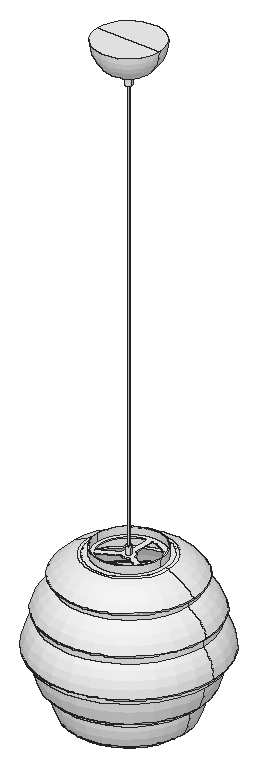
Revit family "Artek_Lighting_Pendant Light A331 “Beehive“_A331 Beehive_quick_ship", category Lighting Fixtures, Revit 2018 (continued)
Definition of nested family "A331"
  Lines and regions (mm)
    symbolic lines, detail levels fine
      curve 495: spline (-18.397, 0, 1.009) -> (-18.064, 0, 1.213) -> (-17.754, 0, 1.81) -> (-17.488, 0, 2.759) -> (-17.284, 0, 3.996) -> (-17.155, 0, 5.436) -> (-17.111, 0, 6.982) -> (-17.155, 0, 8.528) -> (-17.284, 0, 9.968) -> (-17.488, 0, 11.205) -> (-17.754, 0, 12.155) -> (-18.064, 0, 12.751) -> (-18.397, 0, 12.955) -> (-18.73, 0, 12.751) -> (-19.04, 0, 12.155) -> (-19.306, 0, 11.205) -> (-19.511, 0, 9.968) -> (-19.639, 0, 8.528) -> (-19.683, 0, 6.982) -> (-19.639, 0, 5.436) -> (-19.511, 0, 3.996) -> (-19.306, 0, 2.759) -> (-19.04, 0, 1.81) -> (-18.73, 0, 1.213) -> (-18.397, 0, 1.009)
      curve 496: spline (-14.326, 0, 1.009) -> (-13.993, 0, 1.213) -> (-13.683, 0, 1.81) -> (-13.416, 0, 2.759) -> (-13.212, 0, 3.996) -> (-13.084, 0, 5.436) -> (-13.04, 0, 6.982) -> (-13.084, 0, 8.528) -> (-13.212, 0, 9.968) -> (-13.416, 0, 11.205) -> (-13.683, 0, 12.155) -> (-13.993, 0, 12.751) -> (-14.326, 0, 12.955) -> (-14.658, 0, 12.751) -> (-14.969, 0, 12.155) -> (-15.235, 0, 11.205) -> (-15.439, 0, 9.968) -> (-15.568, 0, 8.528) -> (-15.611, 0, 6.982) -> (-15.568, 0, 5.436) -> (-15.439, 0, 3.996) -> (-15.235, 0, 2.759) -> (-14.969, 0, 1.81) -> (-14.658, 0, 1.213) -> (-14.326, 0, 1.009)
      curve 497: spline (-10.254, 0, 1.009) -> (-9.921, 0, 1.213) -> (-9.611, 0, 1.81) -> (-9.345, 0, 2.759) -> (-9.141, 0, 3.996) -> (-9.012, 0, 5.436) -> (-8.968, 0, 6.982) -> (-9.012, 0, 8.528) -> (-9.141, 0, 9.968) -> (-9.345, 0, 11.205) -> (-9.611, 0, 12.155) -> (-9.921, 0, 12.751) -> (-10.254, 0, 12.955) -> (-10.587, 0, 12.751) -> (-10.897, 0, 12.155) -> (-11.163, 0, 11.205) -> (-11.368, 0, 9.968) -> (-11.496, 0, 8.528) -> (-11.54, 0, 6.982) -> (-11.496, 0, 5.436) -> (-11.368, 0, 3.996) -> (-11.163, 0, 2.759) -> (-10.897, 0, 1.81) -> (-10.587, 0, 1.213) -> (-10.254, 0, 1.009)
      curve 498: spline (-6.183, 0, 1.009) -> (-5.85, 0, 1.213) -> (-5.54, 0, 1.81) -> (-5.273, 0, 2.759) -> (-5.069, 0, 3.996) -> (-4.941, 0, 5.436) -> (-4.897, 0, 6.982) -> (-4.941, 0, 8.528) -> (-5.069, 0, 9.968) -> (-5.273, 0, 11.205) -> (-5.54, 0, 12.155) -> (-5.85, 0, 12.751) -> (-6.183, 0, 12.955) -> (-6.515, 0, 12.751) -> (-6.825, 0, 12.155) -> (-7.092, 0, 11.205) -> (-7.296, 0, 9.968) -> (-7.424, 0, 8.528) -> (-7.468, 0, 6.982) -> (-7.424, 0, 5.436) -> (-7.296, 0, 3.996) -> (-7.092, 0, 2.759) -> (-6.825, 0, 1.81) -> (-6.515, 0, 1.213) -> (-6.183, 0, 1.009)
      curve 499: spline (-2.111, 0, 1.009) -> (-1.778, 0, 1.213) -> (-1.468, 0, 1.81) -> (-1.202, 0, 2.759) -> (-0.997, 0, 3.996) -> (-0.869, 0, 5.436) -> (-0.825, 0, 6.982) -> (-0.869, 0, 8.528) -> (-0.997, 0, 9.968) -> (-1.202, 0, 11.205) -> (-1.468, 0, 12.155) -> (-1.778, 0, 12.751) -> (-2.111, 0, 12.955) -> (-2.444, 0, 12.751) -> (-2.754, 0, 12.155) -> (-3.02, 0, 11.205) -> (-3.224, 0, 9.968) -> (-3.353, 0, 8.528) -> (-3.397, 0, 6.982) -> (-3.353, 0, 5.436) -> (-3.224, 0, 3.996) -> (-3.02, 0, 2.759) -> (-2.754, 0, 1.81) -> (-2.444, 0, 1.213) -> (-2.111, 0, 1.009)
      curve 500: spline (91.685, 0, 1.009) -> (91.352, 0, 1.213) -> (91.042, 0, 1.81) -> (90.776, 0, 2.759) -> (90.572, 0, 3.996) -> (90.443, 0, 5.436) -> (90.399, 0, 6.982) -> (90.443, 0, 8.528) -> (90.572, 0, 9.968) -> (90.776, 0, 11.205) -> (91.042, 0, 12.155) -> (91.352, 0, 12.751) -> (91.685, 0, 12.955) -> (92.018, 0, 12.751) -> (92.328, 0, 12.155) -> (92.594, 0, 11.205) -> (92.799, 0, 9.968) -> (92.927, 0, 8.528) -> (92.971, 0, 6.982) -> (92.927, 0, 5.436) -> (92.799, 0, 3.996) -> (92.594, 0, 2.759) -> (92.328, 0, 1.81) -> (92.018, 0, 1.213) -> (91.685, 0, 1.009)
      curve 501: spline (87.614, 0, 1.009) -> (87.281, 0, 1.213) -> (86.971, 0, 1.81) -> (86.705, 0, 2.759) -> (86.5, 0, 3.996) -> (86.372, 0, 5.436) -> (86.328, 0, 6.982) -> (86.372, 0, 8.528) -> (86.5, 0, 9.968) -> (86.705, 0, 11.205) -> (86.971, 0, 12.155) -> (87.281, 0, 12.751) -> (87.614, 0, 12.955) -> (87.946, 0, 12.751) -> (88.257, 0, 12.155) -> (88.523, 0, 11.205) -> (88.727, 0, 9.968) -> (88.856, 0, 8.528) -> (88.899, 0, 6.982) -> (88.856, 0, 5.436) -> (88.727, 0, 3.996) -> (88.523, 0, 2.759) -> (88.257, 0, 1.81) -> (87.946, 0, 1.213) -> (87.614, 0, 1.009)
      curve 502: spline (83.542, 0, 1.009) -> (83.209, 0, 1.213) -> (82.899, 0, 1.81) -> (82.633, 0, 2.759) -> (82.429, 0, 3.996) -> (82.3, 0, 5.436) -> (82.256, 0, 6.982) -> (82.3, 0, 8.528) -> (82.429, 0, 9.968) -> (82.633, 0, 11.205) -> (82.899, 0, 12.155) -> (83.209, 0, 12.751) -> (83.542, 0, 12.955) -> (83.875, 0, 12.751) -> (84.185, 0, 12.155) -> (84.451, 0, 11.205) -> (84.656, 0, 9.968) -> (84.784, 0, 8.528) -> (84.828, 0, 6.982) -> (84.784, 0, 5.436) -> (84.656, 0, 3.996) -> (84.451, 0, 2.759) -> (84.185, 0, 1.81) -> (83.875, 0, 1.213) -> (83.542, 0, 1.009)
      curve 503: spline (79.471, 0, 1.009) -> (79.138, 0, 1.213) -> (78.828, 0, 1.81) -> (78.561, 0, 2.759) -> (78.357, 0, 3.996) -> (78.229, 0, 5.436) -> (78.185, 0, 6.982) -> (78.229, 0, 8.528) -> (78.357, 0, 9.968) -> (78.561, 0, 11.205) -> (78.828, 0, 12.155) -> (79.138, 0, 12.751) -> (79.471, 0, 12.955) -> (79.803, 0, 12.751) -> (80.113, 0, 12.155) -> (80.38, 0, 11.205) -> (80.584, 0, 9.968) -> (80.713, 0, 8.528) -> (80.756, 0, 6.982) -> (80.713, 0, 5.436) -> (80.584, 0, 3.996) -> (80.38, 0, 2.759) -> (80.113, 0, 1.81) -> (79.803, 0, 1.213) -> (79.471, 0, 1.009)
      curve 504: spline (75.399, 0, 1.009) -> (75.066, 0, 1.213) -> (74.756, 0, 1.81) -> (74.49, 0, 2.759) -> (74.286, 0, 3.996) -> (74.157, 0, 5.436) -> (74.113, 0, 6.982) -> (74.157, 0, 8.528) -> (74.286, 0, 9.968) -> (74.49, 0, 11.205) -> (74.756, 0, 12.155) -> (75.066, 0, 12.751) -> (75.399, 0, 12.955) -> (75.732, 0, 12.751) -> (76.042, 0, 12.155) -> (76.308, 0, 11.205) -> (76.513, 0, 9.968) -> (76.641, 0, 8.528) -> (76.685, 0, 6.982) -> (76.641, 0, 5.436) -> (76.513, 0, 3.996) -> (76.308, 0, 2.759) -> (76.042, 0, 1.81) -> (75.732, 0, 1.213) -> (75.399, 0, 1.009)
      curve 505: spline (71.327, 0, 1.009) -> (70.995, 0, 1.213) -> (70.685, 0, 1.81) -> (70.418, 0, 2.759) -> (70.214, 0, 3.996) -> (70.085, 0, 5.436) -> (70.042, 0, 6.982) -> (70.085, 0, 8.528) -> (70.214, 0, 9.968) -> (70.418, 0, 11.205) -> (70.685, 0, 12.155) -> (70.995, 0, 12.751) -> (71.327, 0, 12.955) -> (71.66, 0, 12.751) -> (71.97, 0, 12.155) -> (72.237, 0, 11.205) -> (72.441, 0, 9.968) -> (72.569, 0, 8.528) -> (72.613, 0, 6.982) -> (72.569, 0, 5.436) -> (72.441, 0, 3.996) -> (72.237, 0, 2.759) -> (71.97, 0, 1.81) -> (71.66, 0, 1.213) -> (71.327, 0, 1.009)
      curve 506: spline (67.256, 0, 1.009) -> (66.923, 0, 1.213) -> (66.613, 0, 1.81) -> (66.347, 0, 2.759) -> (66.142, 0, 3.996) -> (66.014, 0, 5.436) -> (65.97, 0, 6.982) -> (66.014, 0, 8.528) -> (66.142, 0, 9.968) -> (66.347, 0, 11.205) -> (66.613, 0, 12.155) -> (66.923, 0, 12.751) -> (67.256, 0, 12.955) -> (67.589, 0, 12.751) -> (67.899, 0, 12.155) -> (68.165, 0, 11.205) -> (68.369, 0, 9.968) -> (68.498, 0, 8.528) -> (68.542, 0, 6.982) -> (68.498, 0, 5.436) -> (68.369, 0, 3.996) -> (68.165, 0, 2.759) -> (67.899, 0, 1.81) -> (67.589, 0, 1.213) -> (67.256, 0, 1.009)
      curve 507: spline (63.184, 0, 1.009) -> (62.852, 0, 1.213) -> (62.541, 0, 1.81) -> (62.275, 0, 2.759) -> (62.071, 0, 3.996) -> (61.942, 0, 5.436) -> (61.899, 0, 6.982) -> (61.942, 0, 8.528) -> (62.071, 0, 9.968) -> (62.275, 0, 11.205) -> (62.541, 0, 12.155) -> (62.852, 0, 12.751) -> (63.184, 0, 12.955) -> (63.517, 0, 12.751) -> (63.827, 0, 12.155) -> (64.094, 0, 11.205) -> (64.298, 0, 9.968) -> (64.426, 0, 8.528) -> (64.47, 0, 6.982) -> (64.426, 0, 5.436) -> (64.298, 0, 3.996) -> (64.094, 0, 2.759) -> (63.827, 0, 1.81) -> (63.517, 0, 1.213) -> (63.184, 0, 1.009)
      curve 508: spline (59.113, 0, 1.009) -> (58.78, 0, 1.213) -> (58.47, 0, 1.81) -> (58.204, 0, 2.759) -> (57.999, 0, 3.996) -> (57.871, 0, 5.436) -> (57.827, 0, 6.982) -> (57.871, 0, 8.528) -> (57.999, 0, 9.968) -> (58.204, 0, 11.205) -> (58.47, 0, 12.155) -> (58.78, 0, 12.751) -> (59.113, 0, 12.955) -> (59.446, 0, 12.751) -> (59.756, 0, 12.155) -> (60.022, 0, 11.205) -> (60.226, 0, 9.968) -> (60.355, 0, 8.528) -> (60.399, 0, 6.982) -> (60.355, 0, 5.436) -> (60.226, 0, 3.996) -> (60.022, 0, 2.759) -> (59.756, 0, 1.81) -> (59.446, 0, 1.213) -> (59.113, 0, 1.009)
      curve 509: spline (55.041, 0, 1.009) -> (54.708, 0, 1.213) -> (54.398, 0, 1.81) -> (54.132, 0, 2.759) -> (53.928, 0, 3.996) -> (53.799, 0, 5.436) -> (53.755, 0, 6.982) -> (53.799, 0, 8.528) -> (53.928, 0, 9.968) -> (54.132, 0, 11.205) -> (54.398, 0, 12.155) -> (54.708, 0, 12.751) -> (55.041, 0, 12.955) -> (55.374, 0, 12.751) -> (55.684, 0, 12.155) -> (55.95, 0, 11.205) -> (56.155, 0, 9.968) -> (56.283, 0, 8.528) -> (56.327, 0, 6.982) -> (56.283, 0, 5.436) -> (56.155, 0, 3.996) -> (55.95, 0, 2.759) -> (55.684, 0, 1.81) -> (55.374, 0, 1.213) -> (55.041, 0, 1.009)
      curve 510: spline (50.97, 0, 1.009) -> (50.637, 0, 1.213) -> (50.327, 0, 1.81) -> (50.06, 0, 2.759) -> (49.856, 0, 3.996) -> (49.728, 0, 5.436) -> (49.684, 0, 6.982) -> (49.728, 0, 8.528) -> (49.856, 0, 9.968) -> (50.06, 0, 11.205) -> (50.327, 0, 12.155) -> (50.637, 0, 12.751) -> (50.97, 0, 12.955) -> (51.302, 0, 12.751) -> (51.613, 0, 12.155) -> (51.879, 0, 11.205) -> (52.083, 0, 9.968) -> (52.212, 0, 8.528) -> (52.255, 0, 6.982) -> (52.212, 0, 5.436) -> (52.083, 0, 3.996) -> (51.879, 0, 2.759) -> (51.613, 0, 1.81) -> (51.302, 0, 1.213) -> (50.97, 0, 1.009)
      curve 511: spline (46.898, 0, 1.009) -> (46.565, 0, 1.213) -> (46.255, 0, 1.81) -> (45.989, 0, 2.759) -> (45.785, 0, 3.996) -> (45.656, 0, 5.436) -> (45.612, 0, 6.982) -> (45.656, 0, 8.528) -> (45.785, 0, 9.968) -> (45.989, 0, 11.205) -> (46.255, 0, 12.155) -> (46.565, 0, 12.751) -> (46.898, 0, 12.955) -> (47.231, 0, 12.751) -> (47.541, 0, 12.155) -> (47.807, 0, 11.205) -> (48.012, 0, 9.968) -> (48.14, 0, 8.528) -> (48.184, 0, 6.982) -> (48.14, 0, 5.436) -> (48.012, 0, 3.996) -> (47.807, 0, 2.759) -> (47.541, 0, 1.81) -> (47.231, 0, 1.213) -> (46.898, 0, 1.009)
      curve 512: spline (42.827, 0, 1.009) -> (42.494, 0, 1.213) -> (42.184, 0, 1.81) -> (41.917, 0, 2.759) -> (41.713, 0, 3.996) -> (41.585, 0, 5.436) -> (41.541, 0, 6.982) -> (41.585, 0, 8.528) -> (41.713, 0, 9.968) -> (41.917, 0, 11.205) -> (42.184, 0, 12.155) -> (42.494, 0, 12.751) -> (42.827, 0, 12.955) -> (43.159, 0, 12.751) -> (43.469, 0, 12.155) -> (43.736, 0, 11.205) -> (43.94, 0, 9.968) -> (44.069, 0, 8.528) -> (44.112, 0, 6.982) -> (44.069, 0, 5.436) -> (43.94, 0, 3.996) -> (43.736, 0, 2.759) -> (43.469, 0, 1.81) -> (43.159, 0, 1.213) -> (42.827, 0, 1.009)
      curve 513: spline (38.755, 0, 1.009) -> (38.422, 0, 1.213) -> (38.112, 0, 1.81) -> (37.846, 0, 2.759) -> (37.641, 0, 3.996) -> (37.513, 0, 5.436) -> (37.469, 0, 6.982) -> (37.513, 0, 8.528) -> (37.641, 0, 9.968) -> (37.846, 0, 11.205) -> (38.112, 0, 12.155) -> (38.422, 0, 12.751) -> (38.755, 0, 12.955) -> (39.088, 0, 12.751) -> (39.398, 0, 12.155) -> (39.664, 0, 11.205) -> (39.869, 0, 9.968) -> (39.997, 0, 8.528) -> (40.041, 0, 6.982) -> (39.997, 0, 5.436) -> (39.869, 0, 3.996) -> (39.664, 0, 2.759) -> (39.398, 0, 1.81) -> (39.088, 0, 1.213) -> (38.755, 0, 1.009)
      curve 514: spline (34.683, 0, 1.009) -> (34.351, 0, 1.213) -> (34.041, 0, 1.81) -> (33.774, 0, 2.759) -> (33.57, 0, 3.996) -> (33.441, 0, 5.436) -> (33.398, 0, 6.982) -> (33.441, 0, 8.528) -> (33.57, 0, 9.968) -> (33.774, 0, 11.205) -> (34.041, 0, 12.155) -> (34.351, 0, 12.751) -> (34.683, 0, 12.955) -> (35.016, 0, 12.751) -> (35.326, 0, 12.155) -> (35.593, 0, 11.205) -> (35.797, 0, 9.968) -> (35.925, 0, 8.528) -> (35.969, 0, 6.982) -> (35.925, 0, 5.436) -> (35.797, 0, 3.996) -> (35.593, 0, 2.759) -> (35.326, 0, 1.81) -> (35.016, 0, 1.213) -> (34.683, 0, 1.009)
      curve 515: spline (30.612, 0, 1.009) -> (30.279, 0, 1.213) -> (29.969, 0, 1.81) -> (29.703, 0, 2.759) -> (29.498, 0, 3.996) -> (29.37, 0, 5.436) -> (29.326, 0, 6.982) -> (29.37, 0, 8.528) -> (29.498, 0, 9.968) -> (29.703, 0, 11.205) -> (29.969, 0, 12.155) -> (30.279, 0, 12.751) -> (30.612, 0, 12.955) -> (30.945, 0, 12.751) -> (31.255, 0, 12.155) -> (31.521, 0, 11.205) -> (31.725, 0, 9.968) -> (31.854, 0, 8.528) -> (31.898, 0, 6.982) -> (31.854, 0, 5.436) -> (31.725, 0, 3.996) -> (31.521, 0, 2.759) -> (31.255, 0, 1.81) -> (30.945, 0, 1.213) -> (30.612, 0, 1.009)
      curve 516: spline (26.54, 0, 1.009) -> (26.208, 0, 1.213) -> (25.897, 0, 1.81) -> (25.631, 0, 2.759) -> (25.427, 0, 3.996) -> (25.298, 0, 5.436) -> (25.255, 0, 6.982) -> (25.298, 0, 8.528) -> (25.427, 0, 9.968) -> (25.631, 0, 11.205) -> (25.897, 0, 12.155) -> (26.208, 0, 12.751) -> (26.54, 0, 12.955) -> (26.873, 0, 12.751) -> (27.183, 0, 12.155) -> (27.449, 0, 11.205) -> (27.654, 0, 9.968) -> (27.782, 0, 8.528) -> (27.826, 0, 6.982) -> (27.782, 0, 5.436) -> (27.654, 0, 3.996) -> (27.449, 0, 2.759) -> (27.183, 0, 1.81) -> (26.873, 0, 1.213) -> (26.54, 0, 1.009)
      curve 517: spline (22.469, 0, 1.009) -> (22.136, 0, 1.213) -> (21.826, 0, 1.81) -> (21.56, 0, 2.759) -> (21.355, 0, 3.996) -> (21.227, 0, 5.436) -> (21.183, 0, 6.982) -> (21.227, 0, 8.528) -> (21.355, 0, 9.968) -> (21.56, 0, 11.205) -> (21.826, 0, 12.155) -> (22.136, 0, 12.751) -> (22.469, 0, 12.955) -> (22.802, 0, 12.751) -> (23.112, 0, 12.155) -> (23.378, 0, 11.205) -> (23.582, 0, 9.968) -> (23.711, 0, 8.528) -> (23.755, 0, 6.982) -> (23.711, 0, 5.436) -> (23.582, 0, 3.996) -> (23.378, 0, 2.759) -> (23.112, 0, 1.81) -> (22.802, 0, 1.213) -> (22.469, 0, 1.009)
      curve 518: spline (18.397, 0, 1.009) -> (18.064, 0, 1.213) -> (17.754, 0, 1.81) -> (17.488, 0, 2.759) -> (17.284, 0, 3.996) -> (17.155, 0, 5.436) -> (17.111, 0, 6.982) -> (17.155, 0, 8.528) -> (17.284, 0, 9.968) -> (17.488, 0, 11.205) -> (17.754, 0, 12.155) -> (18.064, 0, 12.751) -> (18.397, 0, 12.955) -> (18.73, 0, 12.751) -> (19.04, 0, 12.155) -> (19.306, 0, 11.205) -> (19.511, 0, 9.968) -> (19.639, 0, 8.528) -> (19.683, 0, 6.982) -> (19.639, 0, 5.436) -> (19.511, 0, 3.996) -> (19.306, 0, 2.759) -> (19.04, 0, 1.81) -> (18.73, 0, 1.213) -> (18.397, 0, 1.009)
      curve 519: spline (14.326, 0, 1.009) -> (13.993, 0, 1.213) -> (13.683, 0, 1.81) -> (13.416, 0, 2.759) -> (13.212, 0, 3.996) -> (13.084, 0, 5.436) -> (13.04, 0, 6.982) -> (13.084, 0, 8.528) -> (13.212, 0, 9.968) -> (13.416, 0, 11.205) -> (13.683, 0, 12.155) -> (13.993, 0, 12.751) -> (14.326, 0, 12.955) -> (14.658, 0, 12.751) -> (14.969, 0, 12.155) -> (15.235, 0, 11.205) -> (15.439, 0, 9.968) -> (15.568, 0, 8.528) -> (15.611, 0, 6.982) -> (15.568, 0, 5.436) -> (15.439, 0, 3.996) -> (15.235, 0, 2.759) -> (14.969, 0, 1.81) -> (14.658, 0, 1.213) -> (14.326, 0, 1.009)
      curve 520: spline (10.254, 0, 1.009) -> (9.921, 0, 1.213) -> (9.611, 0, 1.81) -> (9.345, 0, 2.759) -> (9.141, 0, 3.996) -> (9.012, 0, 5.436) -> (8.968, 0, 6.982) -> (9.012, 0, 8.528) -> (9.141, 0, 9.968) -> (9.345, 0, 11.205) -> (9.611, 0, 12.155) -> (9.921, 0, 12.751) -> (10.254, 0, 12.955) -> (10.587, 0, 12.751) -> (10.897, 0, 12.155) -> (11.163, 0, 11.205) -> (11.368, 0, 9.968) -> (11.496, 0, 8.528) -> (11.54, 0, 6.982) -> (11.496, 0, 5.436) -> (11.368, 0, 3.996) -> (11.163, 0, 2.759) -> (10.897, 0, 1.81) -> (10.587, 0, 1.213) -> (10.254, 0, 1.009)
      curve 521: spline (6.183, 0, 1.009) -> (5.85, 0, 1.213) -> (5.54, 0, 1.81) -> (5.273, 0, 2.759) -> (5.069, 0, 3.996) -> (4.941, 0, 5.436) -> (4.897, 0, 6.982) -> (4.941, 0, 8.528) -> (5.069, 0, 9.968) -> (5.273, 0, 11.205) -> (5.54, 0, 12.155) -> (5.85, 0, 12.751) -> (6.183, 0, 12.955) -> (6.515, 0, 12.751) -> (6.825, 0, 12.155) -> (7.092, 0, 11.205) -> (7.296, 0, 9.968) -> (7.424, 0, 8.528) -> (7.468, 0, 6.982) -> (7.424, 0, 5.436) -> (7.296, 0, 3.996) -> (7.092, 0, 2.759) -> (6.825, 0, 1.81) -> (6.515, 0, 1.213) -> (6.183, 0, 1.009)
      curve 522: spline (2.111, 0, 1.009) -> (1.778, 0, 1.213) -> (1.468, 0, 1.81) -> (1.202, 0, 2.759) -> (0.997, 0, 3.996) -> (0.869, 0, 5.436) -> (0.825, 0, 6.982) -> (0.869, 0, 8.528) -> (0.997, 0, 9.968) -> (1.202, 0, 11.205) -> (1.468, 0, 12.155) -> (1.778, 0, 12.751) -> (2.111, 0, 12.955) -> (2.444, 0, 12.751) -> (2.754, 0, 12.155) -> (3.02, 0, 11.205) -> (3.224, 0, 9.968) -> (3.353, 0, 8.528) -> (3.397, 0, 6.982) -> (3.353, 0, 5.436) -> (3.224, 0, 3.996) -> (3.02, 0, 2.759) -> (2.754, 0, 1.81) -> (2.444, 0, 1.213) -> (2.111, 0, 1.009)
      curve 523: spline (0, 2.006, 235.593) -> (0, 1.681, 235.797) -> (0, 1.378, 236.396) -> (0, 1.118, 237.348) -> (0, 0.918, 238.588) -> (0, 0.793, 240.033) -> (0, 0.75, 241.583) -> (0, 0.793, 243.134) -> (0, 0.918, 244.578) -> (0, 1.118, 245.819) -> (0, 1.378, 246.771) -> (0, 1.681, 247.369) -> (0, 2.006, 247.573) -> (0, 2.331, 247.369) -> (0, 2.634, 246.771) -> (0, 2.894, 245.819) -> (0, 3.093, 244.578) -> (0, 3.219, 243.134) -> (0, 3.261, 241.583) -> (0, 3.219, 240.033) -> (0, 3.093, 238.588) -> (0, 2.894, 237.348) -> (0, 2.634, 236.396) -> (0, 2.331, 235.797) -> (0, 2.006, 235.593)
      curve 524: spline (-59.027, 0, 285.358) -> (-58.694, 0, 285.561) -> (-58.384, 0, 286.158) -> (-58.118, 0, 287.107) -> (-57.913, 0, 288.344) -> (-57.785, 0, 289.785) -> (-57.741, 0, 291.33) -> (-57.785, 0, 292.876) -> (-57.913, 0, 294.317) -> (-58.118, 0, 295.554) -> (-58.384, 0, 296.503) -> (-58.694, 0, 297.1) -> (-59.027, 0, 297.303) -> (-59.36, 0, 297.1) -> (-59.67, 0, 296.503) -> (-59.936, 0, 295.554) -> (-60.14, 0, 294.317) -> (-60.269, 0, 292.876) -> (-60.313, 0, 291.33) -> (-60.269, 0, 289.785) -> (-60.14, 0, 288.344) -> (-59.936, 0, 287.107) -> (-59.67, 0, 286.158) -> (-59.36, 0, 285.561) -> (-59.027, 0, 285.358)
      curve 525: spline (-54.955, 0, 285.358) -> (-54.622, 0, 285.561) -> (-54.312, 0, 286.158) -> (-54.046, 0, 287.107) -> (-53.842, 0, 288.344) -> (-53.713, 0, 289.785) -> (-53.669, 0, 291.33) -> (-53.713, 0, 292.876) -> (-53.842, 0, 294.317) -> (-54.046, 0, 295.554) -> (-54.312, 0, 296.503) -> (-54.622, 0, 297.1) -> (-54.955, 0, 297.303) -> (-55.288, 0, 297.1) -> (-55.598, 0, 296.503) -> (-55.864, 0, 295.554) -> (-56.069, 0, 294.317) -> (-56.197, 0, 292.876) -> (-56.241, 0, 291.33) -> (-56.197, 0, 289.785) -> (-56.069, 0, 288.344) -> (-55.864, 0, 287.107) -> (-55.598, 0, 286.158) -> (-55.288, 0, 285.561) -> (-54.955, 0, 285.358)
      curve 526: spline (-50.884, 0, 285.358) -> (-50.551, 0, 285.561) -> (-50.241, 0, 286.158) -> (-49.974, 0, 287.107) -> (-49.77, 0, 288.344) -> (-49.642, 0, 289.785) -> (-49.598, 0, 291.33) -> (-49.642, 0, 292.876) -> (-49.77, 0, 294.317) -> (-49.974, 0, 295.554) -> (-50.241, 0, 296.503) -> (-50.551, 0, 297.1) -> (-50.884, 0, 297.303) -> (-51.216, 0, 297.1) -> (-51.526, 0, 296.503) -> (-51.793, 0, 295.554) -> (-51.997, 0, 294.317) -> (-52.126, 0, 292.876) -> (-52.169, 0, 291.33) -> (-52.126, 0, 289.785) -> (-51.997, 0, 288.344) -> (-51.793, 0, 287.107) -> (-51.526, 0, 286.158) -> (-51.216, 0, 285.561) -> (-50.884, 0, 285.358)
      curve 527: spline (-46.812, 0, 285.358) -> (-46.479, 0, 285.561) -> (-46.169, 0, 286.158) -> (-45.903, 0, 287.107) -> (-45.699, 0, 288.344) -> (-45.57, 0, 289.785) -> (-45.526, 0, 291.33) -> (-45.57, 0, 292.876) -> (-45.699, 0, 294.317) -> (-45.903, 0, 295.554) -> (-46.169, 0, 296.503) -> (-46.479, 0, 297.1) -> (-46.812, 0, 297.303) -> (-47.145, 0, 297.1) -> (-47.455, 0, 296.503) -> (-47.721, 0, 295.554) -> (-47.926, 0, 294.317) -> (-48.054, 0, 292.876) -> (-48.098, 0, 291.33) -> (-48.054, 0, 289.785) -> (-47.926, 0, 288.344) -> (-47.721, 0, 287.107) -> (-47.455, 0, 286.158) -> (-47.145, 0, 285.561) -> (-46.812, 0, 285.358)
      curve 528: spline (-42.74, 0, 285.358) -> (-42.408, 0, 285.561) -> (-42.098, 0, 286.158) -> (-41.831, 0, 287.107) -> (-41.627, 0, 288.344) -> (-41.499, 0, 289.785) -> (-41.455, 0, 291.33) -> (-41.499, 0, 292.876) -> (-41.627, 0, 294.317) -> (-41.831, 0, 295.554) -> (-42.098, 0, 296.503) -> (-42.408, 0, 297.1) -> (-42.74, 0, 297.303) -> (-43.073, 0, 297.1) -> (-43.383, 0, 296.503) -> (-43.65, 0, 295.554) -> (-43.854, 0, 294.317) -> (-43.982, 0, 292.876) -> (-44.026, 0, 291.33) -> (-43.982, 0, 289.785) -> (-43.854, 0, 288.344) -> (-43.65, 0, 287.107) -> (-43.383, 0, 286.158) -> (-43.073, 0, 285.561) -> (-42.74, 0, 285.358)
      curve 529: spline (-38.669, 0, 285.358) -> (-38.336, 0, 285.561) -> (-38.026, 0, 286.158) -> (-37.76, 0, 287.107) -> (-37.555, 0, 288.344) -> (-37.427, 0, 289.785) -> (-37.383, 0, 291.33) -> (-37.427, 0, 292.876) -> (-37.555, 0, 294.317) -> (-37.76, 0, 295.554) -> (-38.026, 0, 296.503) -> (-38.336, 0, 297.1) -> (-38.669, 0, 297.303) -> (-39.002, 0, 297.1) -> (-39.312, 0, 296.503) -> (-39.578, 0, 295.554) -> (-39.782, 0, 294.317) -> (-39.911, 0, 292.876) -> (-39.955, 0, 291.33) -> (-39.911, 0, 289.785) -> (-39.782, 0, 288.344) -> (-39.578, 0, 287.107) -> (-39.312, 0, 286.158) -> (-39.002, 0, 285.561) -> (-38.669, 0, 285.358)
      curve 530: spline (-34.597, 0, 285.358) -> (-34.265, 0, 285.561) -> (-33.954, 0, 286.158) -> (-33.688, 0, 287.107) -> (-33.484, 0, 288.344) -> (-33.355, 0, 289.785) -> (-33.312, 0, 291.33) -> (-33.355, 0, 292.876) -> (-33.484, 0, 294.317) -> (-33.688, 0, 295.554) -> (-33.954, 0, 296.503) -> (-34.265, 0, 297.1) -> (-34.597, 0, 297.303) -> (-34.93, 0, 297.1) -> (-35.24, 0, 296.503) -> (-35.507, 0, 295.554) -> (-35.711, 0, 294.317) -> (-35.839, 0, 292.876) -> (-35.883, 0, 291.33) -> (-35.839, 0, 289.785) -> (-35.711, 0, 288.344) -> (-35.507, 0, 287.107) -> (-35.24, 0, 286.158) -> (-34.93, 0, 285.561) -> (-34.597, 0, 285.358)
      curve 531: spline (-30.526, 0, 285.358) -> (-30.193, 0, 285.561) -> (-29.883, 0, 286.158) -> (-29.617, 0, 287.107) -> (-29.412, 0, 288.344) -> (-29.284, 0, 289.785) -> (-29.24, 0, 291.33) -> (-29.284, 0, 292.876) -> (-29.412, 0, 294.317) -> (-29.617, 0, 295.554) -> (-29.883, 0, 296.503) -> (-30.193, 0, 297.1) -> (-30.526, 0, 297.303) -> (-30.859, 0, 297.1) -> (-31.169, 0, 296.503) -> (-31.435, 0, 295.554) -> (-31.639, 0, 294.317) -> (-31.768, 0, 292.876) -> (-31.812, 0, 291.33) -> (-31.768, 0, 289.785) -> (-31.639, 0, 288.344) -> (-31.435, 0, 287.107) -> (-31.169, 0, 286.158) -> (-30.859, 0, 285.561) -> (-30.526, 0, 285.358)
      curve 532: spline (-26.454, 0, 285.358) -> (-26.121, 0, 285.561) -> (-25.811, 0, 286.158) -> (-25.545, 0, 287.107) -> (-25.341, 0, 288.344) -> (-25.212, 0, 289.785) -> (-25.168, 0, 291.33) -> (-25.212, 0, 292.876) -> (-25.341, 0, 294.317) -> (-25.545, 0, 295.554) -> (-25.811, 0, 296.503) -> (-26.121, 0, 297.1) -> (-26.454, 0, 297.303) -> (-26.787, 0, 297.1) -> (-27.097, 0, 296.503) -> (-27.363, 0, 295.554) -> (-27.568, 0, 294.317) -> (-27.696, 0, 292.876) -> (-27.74, 0, 291.33) -> (-27.696, 0, 289.785) -> (-27.568, 0, 288.344) -> (-27.363, 0, 287.107) -> (-27.097, 0, 286.158) -> (-26.787, 0, 285.561) -> (-26.454, 0, 285.358)
      curve 533: spline (-22.383, 0, 285.358) -> (-22.05, 0, 285.561) -> (-21.74, 0, 286.158) -> (-21.474, 0, 287.107) -> (-21.269, 0, 288.344) -> (-21.141, 0, 289.785) -> (-21.097, 0, 291.33) -> (-21.141, 0, 292.876) -> (-21.269, 0, 294.317) -> (-21.474, 0, 295.554) -> (-21.74, 0, 296.503) -> (-22.05, 0, 297.1) -> (-22.383, 0, 297.303) -> (-22.715, 0, 297.1) -> (-23.026, 0, 296.503) -> (-23.292, 0, 295.554) -> (-23.496, 0, 294.317) -> (-23.625, 0, 292.876) -> (-23.668, 0, 291.33) -> (-23.625, 0, 289.785) -> (-23.496, 0, 288.344) -> (-23.292, 0, 287.107) -> (-23.026, 0, 286.158) -> (-22.715, 0, 285.561) -> (-22.383, 0, 285.358)
      curve 534: spline (-18.311, 0, 285.358) -> (-17.978, 0, 285.561) -> (-17.668, 0, 286.158) -> (-17.402, 0, 287.107) -> (-17.198, 0, 288.344) -> (-17.069, 0, 289.785) -> (-17.025, 0, 291.33) -> (-17.069, 0, 292.876) -> (-17.198, 0, 294.317) -> (-17.402, 0, 295.554) -> (-17.668, 0, 296.503) -> (-17.978, 0, 297.1) -> (-18.311, 0, 297.303) -> (-18.644, 0, 297.1) -> (-18.954, 0, 296.503) -> (-19.22, 0, 295.554) -> (-19.425, 0, 294.317) -> (-19.553, 0, 292.876) -> (-19.597, 0, 291.33) -> (-19.553, 0, 289.785) -> (-19.425, 0, 288.344) -> (-19.22, 0, 287.107) -> (-18.954, 0, 286.158) -> (-18.644, 0, 285.561) -> (-18.311, 0, 285.358)
      curve 535: spline (-14.24, 0, 285.358) -> (-13.907, 0, 285.561) -> (-13.597, 0, 286.158) -> (-13.33, 0, 287.107) -> (-13.126, 0, 288.344) -> (-12.998, 0, 289.785) -> (-12.954, 0, 291.33) -> (-12.998, 0, 292.876) -> (-13.126, 0, 294.317) -> (-13.33, 0, 295.554) -> (-13.597, 0, 296.503) -> (-13.907, 0, 297.1) -> (-14.24, 0, 297.303) -> (-14.572, 0, 297.1) -> (-14.882, 0, 296.503) -> (-15.149, 0, 295.554) -> (-15.353, 0, 294.317) -> (-15.482, 0, 292.876) -> (-15.525, 0, 291.33) -> (-15.482, 0, 289.785) -> (-15.353, 0, 288.344) -> (-15.149, 0, 287.107) -> (-14.882, 0, 286.158) -> (-14.572, 0, 285.561) -> (-14.24, 0, 285.358)
      curve 536: spline (-10.168, 0, 285.358) -> (-9.835, 0, 285.561) -> (-9.525, 0, 286.158) -> (-9.259, 0, 287.107) -> (-9.054, 0, 288.344) -> (-8.926, 0, 289.785) -> (-8.882, 0, 291.33) -> (-8.926, 0, 292.876) -> (-9.054, 0, 294.317) -> (-9.259, 0, 295.554) -> (-9.525, 0, 296.503) -> (-9.835, 0, 297.1) -> (-10.168, 0, 297.303) -> (-10.501, 0, 297.1) -> (-10.811, 0, 296.503) -> (-11.077, 0, 295.554) -> (-11.282, 0, 294.317) -> (-11.41, 0, 292.876) -> (-11.454, 0, 291.33) -> (-11.41, 0, 289.785) -> (-11.282, 0, 288.344) -> (-11.077, 0, 287.107) -> (-10.811, 0, 286.158) -> (-10.501, 0, 285.561) -> (-10.168, 0, 285.358)
      curve 537: spline (-6.096, 0, 285.358) -> (-5.764, 0, 285.561) -> (-5.454, 0, 286.158) -> (-5.187, 0, 287.107) -> (-4.983, 0, 288.344) -> (-4.854, 0, 289.785) -> (-4.811, 0, 291.33) -> (-4.854, 0, 292.876) -> (-4.983, 0, 294.317) -> (-5.187, 0, 295.554) -> (-5.454, 0, 296.503) -> (-5.764, 0, 297.1) -> (-6.096, 0, 297.303) -> (-6.429, 0, 297.1) -> (-6.739, 0, 296.503) -> (-7.006, 0, 295.554) -> (-7.21, 0, 294.317) -> (-7.338, 0, 292.876) -> (-7.382, 0, 291.33) -> (-7.338, 0, 289.785) -> (-7.21, 0, 288.344) -> (-7.006, 0, 287.107) -> (-6.739, 0, 286.158) -> (-6.429, 0, 285.561) -> (-6.096, 0, 285.358)
      curve 538: spline (-2.025, 0, 285.358) -> (-1.692, 0, 285.561) -> (-1.382, 0, 286.158) -> (-1.116, 0, 287.107) -> (-0.911, 0, 288.344) -> (-0.783, 0, 289.785) -> (-0.739, 0, 291.33) -> (-0.783, 0, 292.876) -> (-0.911, 0, 294.317) -> (-1.116, 0, 295.554) -> (-1.382, 0, 296.503) -> (-1.692, 0, 297.1) -> (-2.025, 0, 297.303) -> (-2.358, 0, 297.1) -> (-2.668, 0, 296.503) -> (-2.934, 0, 295.554) -> (-3.138, 0, 294.317) -> (-3.267, 0, 292.876) -> (-3.311, 0, 291.33) -> (-3.267, 0, 289.785) -> (-3.138, 0, 288.344) -> (-2.934, 0, 287.107) -> (-2.668, 0, 286.158) -> (-2.358, 0, 285.561) -> (-2.025, 0, 285.358)
      curve 539: spline (59.027, 0, 285.358) -> (58.694, 0, 285.561) -> (58.384, 0, 286.158) -> (58.118, 0, 287.107) -> (57.913, 0, 288.344) -> (57.785, 0, 289.785) -> (57.741, 0, 291.33) -> (57.785, 0, 292.876) -> (57.913, 0, 294.317) -> (58.118, 0, 295.554) -> (58.384, 0, 296.503) -> (58.694, 0, 297.1) -> (59.027, 0, 297.303) -> (59.36, 0, 297.1) -> (59.67, 0, 296.503) -> (59.936, 0, 295.554) -> (60.14, 0, 294.317) -> (60.269, 0, 292.876) -> (60.313, 0, 291.33) -> (60.269, 0, 289.785) -> (60.14, 0, 288.344) -> (59.936, 0, 287.107) -> (59.67, 0, 286.158) -> (59.36, 0, 285.561) -> (59.027, 0, 285.358)
      curve 540: spline (54.955, 0, 285.358) -> (54.622, 0, 285.561) -> (54.312, 0, 286.158) -> (54.046, 0, 287.107) -> (53.842, 0, 288.344) -> (53.713, 0, 289.785) -> (53.669, 0, 291.33) -> (53.713, 0, 292.876) -> (53.842, 0, 294.317) -> (54.046, 0, 295.554) -> (54.312, 0, 296.503) -> (54.622, 0, 297.1) -> (54.955, 0, 297.303) -> (55.288, 0, 297.1) -> (55.598, 0, 296.503) -> (55.864, 0, 295.554) -> (56.069, 0, 294.317) -> (56.197, 0, 292.876) -> (56.241, 0, 291.33) -> (56.197, 0, 289.785) -> (56.069, 0, 288.344) -> (55.864, 0, 287.107) -> (55.598, 0, 286.158) -> (55.288, 0, 285.561) -> (54.955, 0, 285.358)
      curve 541: spline (50.884, 0, 285.358) -> (50.551, 0, 285.561) -> (50.241, 0, 286.158) -> (49.974, 0, 287.107) -> (49.77, 0, 288.344) -> (49.642, 0, 289.785) -> (49.598, 0, 291.33) -> (49.642, 0, 292.876) -> (49.77, 0, 294.317) -> (49.974, 0, 295.554) -> (50.241, 0, 296.503) -> (50.551, 0, 297.1) -> (50.884, 0, 297.303) -> (51.216, 0, 297.1) -> (51.526, 0, 296.503) -> (51.793, 0, 295.554) -> (51.997, 0, 294.317) -> (52.126, 0, 292.876) -> (52.169, 0, 291.33) -> (52.126, 0, 289.785) -> (51.997, 0, 288.344) -> (51.793, 0, 287.107) -> (51.526, 0, 286.158) -> (51.216, 0, 285.561) -> (50.884, 0, 285.358)
      curve 542: spline (46.812, 0, 285.358) -> (46.479, 0, 285.561) -> (46.169, 0, 286.158) -> (45.903, 0, 287.107) -> (45.699, 0, 288.344) -> (45.57, 0, 289.785) -> (45.526, 0, 291.33) -> (45.57, 0, 292.876) -> (45.699, 0, 294.317) -> (45.903, 0, 295.554) -> (46.169, 0, 296.503) -> (46.479, 0, 297.1) -> (46.812, 0, 297.303) -> (47.145, 0, 297.1) -> (47.455, 0, 296.503) -> (47.721, 0, 295.554) -> (47.926, 0, 294.317) -> (48.054, 0, 292.876) -> (48.098, 0, 291.33) -> (48.054, 0, 289.785) -> (47.926, 0, 288.344) -> (47.721, 0, 287.107) -> (47.455, 0, 286.158) -> (47.145, 0, 285.561) -> (46.812, 0, 285.358)
      curve 543: spline (42.74, 0, 285.358) -> (42.408, 0, 285.561) -> (42.098, 0, 286.158) -> (41.831, 0, 287.107) -> (41.627, 0, 288.344) -> (41.499, 0, 289.785) -> (41.455, 0, 291.33) -> (41.499, 0, 292.876) -> (41.627, 0, 294.317) -> (41.831, 0, 295.554) -> (42.098, 0, 296.503) -> (42.408, 0, 297.1) -> (42.74, 0, 297.303) -> (43.073, 0, 297.1) -> (43.383, 0, 296.503) -> (43.65, 0, 295.554) -> (43.854, 0, 294.317) -> (43.982, 0, 292.876) -> (44.026, 0, 291.33) -> (43.982, 0, 289.785) -> (43.854, 0, 288.344) -> (43.65, 0, 287.107) -> (43.383, 0, 286.158) -> (43.073, 0, 285.561) -> (42.74, 0, 285.358)
      curve 544: spline (38.669, 0, 285.358) -> (38.336, 0, 285.561) -> (38.026, 0, 286.158) -> (37.76, 0, 287.107) -> (37.555, 0, 288.344) -> (37.427, 0, 289.785) -> (37.383, 0, 291.33) -> (37.427, 0, 292.876) -> (37.555, 0, 294.317) -> (37.76, 0, 295.554) -> (38.026, 0, 296.503) -> (38.336, 0, 297.1) -> (38.669, 0, 297.303) -> (39.002, 0, 297.1) -> (39.312, 0, 296.503) -> (39.578, 0, 295.554) -> (39.782, 0, 294.317) -> (39.911, 0, 292.876) -> (39.955, 0, 291.33) -> (39.911, 0, 289.785) -> (39.782, 0, 288.344) -> (39.578, 0, 287.107) -> (39.312, 0, 286.158) -> (39.002, 0, 285.561) -> (38.669, 0, 285.358)
      curve 545: spline (34.597, 0, 285.358) -> (34.265, 0, 285.561) -> (33.954, 0, 286.158) -> (33.688, 0, 287.107) -> (33.484, 0, 288.344) -> (33.355, 0, 289.785) -> (33.312, 0, 291.33) -> (33.355, 0, 292.876) -> (33.484, 0, 294.317) -> (33.688, 0, 295.554) -> (33.954, 0, 296.503) -> (34.265, 0, 297.1) -> (34.597, 0, 297.303) -> (34.93, 0, 297.1) -> (35.24, 0, 296.503) -> (35.507, 0, 295.554) -> (35.711, 0, 294.317) -> (35.839, 0, 292.876) -> (35.883, 0, 291.33) -> (35.839, 0, 289.785) -> (35.711, 0, 288.344) -> (35.507, 0, 287.107) -> (35.24, 0, 286.158) -> (34.93, 0, 285.561) -> (34.597, 0, 285.358)
      curve 546: spline (30.526, 0, 285.358) -> (30.193, 0, 285.561) -> (29.883, 0, 286.158) -> (29.617, 0, 287.107) -> (29.412, 0, 288.344) -> (29.284, 0, 289.785) -> (29.24, 0, 291.33) -> (29.284, 0, 292.876) -> (29.412, 0, 294.317) -> (29.617, 0, 295.554) -> (29.883, 0, 296.503) -> (30.193, 0, 297.1) -> (30.526, 0, 297.303) -> (30.859, 0, 297.1) -> (31.169, 0, 296.503) -> (31.435, 0, 295.554) -> (31.639, 0, 294.317) -> (31.768, 0, 292.876) -> (31.812, 0, 291.33) -> (31.768, 0, 289.785) -> (31.639, 0, 288.344) -> (31.435, 0, 287.107) -> (31.169, 0, 286.158) -> (30.859, 0, 285.561) -> (30.526, 0, 285.358)
      curve 547: spline (26.454, 0, 285.358) -> (26.121, 0, 285.561) -> (25.811, 0, 286.158) -> (25.545, 0, 287.107) -> (25.341, 0, 288.344) -> (25.212, 0, 289.785) -> (25.168, 0, 291.33) -> (25.212, 0, 292.876) -> (25.341, 0, 294.317) -> (25.545, 0, 295.554) -> (25.811, 0, 296.503) -> (26.121, 0, 297.1) -> (26.454, 0, 297.303) -> (26.787, 0, 297.1) -> (27.097, 0, 296.503) -> (27.363, 0, 295.554) -> (27.568, 0, 294.317) -> (27.696, 0, 292.876) -> (27.74, 0, 291.33) -> (27.696, 0, 289.785) -> (27.568, 0, 288.344) -> (27.363, 0, 287.107) -> (27.097, 0, 286.158) -> (26.787, 0, 285.561) -> (26.454, 0, 285.358)
      curve 548: spline (22.383, 0, 285.358) -> (22.05, 0, 285.561) -> (21.74, 0, 286.158) -> (21.474, 0, 287.107) -> (21.269, 0, 288.344) -> (21.141, 0, 289.785) -> (21.097, 0, 291.33) -> (21.141, 0, 292.876) -> (21.269, 0, 294.317) -> (21.474, 0, 295.554) -> (21.74, 0, 296.503) -> (22.05, 0, 297.1) -> (22.383, 0, 297.303) -> (22.715, 0, 297.1) -> (23.026, 0, 296.503) -> (23.292, 0, 295.554) -> (23.496, 0, 294.317) -> (23.625, 0, 292.876) -> (23.668, 0, 291.33) -> (23.625, 0, 289.785) -> (23.496, 0, 288.344) -> (23.292, 0, 287.107) -> (23.026, 0, 286.158) -> (22.715, 0, 285.561) -> (22.383, 0, 285.358)
      curve 549: spline (18.311, 0, 285.358) -> (17.978, 0, 285.561) -> (17.668, 0, 286.158) -> (17.402, 0, 287.107) -> (17.198, 0, 288.344) -> (17.069, 0, 289.785) -> (17.025, 0, 291.33) -> (17.069, 0, 292.876) -> (17.198, 0, 294.317) -> (17.402, 0, 295.554) -> (17.668, 0, 296.503) -> (17.978, 0, 297.1) -> (18.311, 0, 297.303) -> (18.644, 0, 297.1) -> (18.954, 0, 296.503) -> (19.22, 0, 295.554) -> (19.425, 0, 294.317) -> (19.553, 0, 292.876) -> (19.597, 0, 291.33) -> (19.553, 0, 289.785) -> (19.425, 0, 288.344) -> (19.22, 0, 287.107) -> (18.954, 0, 286.158) -> (18.644, 0, 285.561) -> (18.311, 0, 285.358)
      curve 550: spline (14.24, 0, 285.358) -> (13.907, 0, 285.561) -> (13.597, 0, 286.158) -> (13.33, 0, 287.107) -> (13.126, 0, 288.344) -> (12.998, 0, 289.785) -> (12.954, 0, 291.33) -> (12.998, 0, 292.876) -> (13.126, 0, 294.317) -> (13.33, 0, 295.554) -> (13.597, 0, 296.503) -> (13.907, 0, 297.1) -> (14.24, 0, 297.303) -> (14.572, 0, 297.1) -> (14.882, 0, 296.503) -> (15.149, 0, 295.554) -> (15.353, 0, 294.317) -> (15.482, 0, 292.876) -> (15.525, 0, 291.33) -> (15.482, 0, 289.785) -> (15.353, 0, 288.344) -> (15.149, 0, 287.107) -> (14.882, 0, 286.158) -> (14.572, 0, 285.561) -> (14.24, 0, 285.358)
      curve 551: spline (10.168, 0, 285.358) -> (9.835, 0, 285.561) -> (9.525, 0, 286.158) -> (9.259, 0, 287.107) -> (9.054, 0, 288.344) -> (8.926, 0, 289.785) -> (8.882, 0, 291.33) -> (8.926, 0, 292.876) -> (9.054, 0, 294.317) -> (9.259, 0, 295.554) -> (9.525, 0, 296.503) -> (9.835, 0, 297.1) -> (10.168, 0, 297.303) -> (10.501, 0, 297.1) -> (10.811, 0, 296.503) -> (11.077, 0, 295.554) -> (11.282, 0, 294.317) -> (11.41, 0, 292.876) -> (11.454, 0, 291.33) -> (11.41, 0, 289.785) -> (11.282, 0, 288.344) -> (11.077, 0, 287.107) -> (10.811, 0, 286.158) -> (10.501, 0, 285.561) -> (10.168, 0, 285.358)
      curve 552: spline (6.096, 0, 285.358) -> (5.764, 0, 285.561) -> (5.454, 0, 286.158) -> (5.187, 0, 287.107) -> (4.983, 0, 288.344) -> (4.854, 0, 289.785) -> (4.811, 0, 291.33) -> (4.854, 0, 292.876) -> (4.983, 0, 294.317) -> (5.187, 0, 295.554) -> (5.454, 0, 296.503) -> (5.764, 0, 297.1) -> (6.096, 0, 297.303) -> (6.429, 0, 297.1) -> (6.739, 0, 296.503) -> (7.006, 0, 295.554) -> (7.21, 0, 294.317) -> (7.338, 0, 292.876) -> (7.382, 0, 291.33) -> (7.338, 0, 289.785) -> (7.21, 0, 288.344) -> (7.006, 0, 287.107) -> (6.739, 0, 286.158) -> (6.429, 0, 285.561) -> (6.096, 0, 285.358)
      curve 553: spline (2.025, 0, 285.358) -> (1.692, 0, 285.561) -> (1.382, 0, 286.158) -> (1.116, 0, 287.107) -> (0.911, 0, 288.344) -> (0.783, 0, 289.785) -> (0.739, 0, 291.33) -> (0.783, 0, 292.876) -> (0.911, 0, 294.317) -> (1.116, 0, 295.554) -> (1.382, 0, 296.503) -> (1.692, 0, 297.1) -> (2.025, 0, 297.303) -> (2.358, 0, 297.1) -> (2.668, 0, 296.503) -> (2.934, 0, 295.554) -> (3.138, 0, 294.317) -> (3.267, 0, 292.876) -> (3.311, 0, 291.33) -> (3.267, 0, 289.785) -> (3.138, 0, 288.344) -> (2.934, 0, 287.107) -> (2.668, 0, 286.158) -> (2.358, 0, 285.561) -> (2.025, 0, 285.358)
      curve 554: spline (0, 6.017, 235.593) -> (0, 5.692, 235.797) -> (0, 5.389, 236.396) -> (0, 5.129, 237.348) -> (0, 4.93, 238.588) -> (0, 4.804, 240.033) -> (0, 4.761, 241.583) -> (0, 4.804, 243.134) -> (0, 4.93, 244.578) -> (0, 5.129, 245.819) -> (0, 5.389, 246.771) -> (0, 5.692, 247.369) -> (0, 6.017, 247.573) -> (0, 6.342, 247.369) -> (0, 6.645, 246.771) -> (0, 6.905, 245.819) -> (0, 7.105, 244.578) -> (0, 7.23, 243.134) -> (0, 7.273, 241.583) -> (0, 7.23, 240.033) -> (0, 7.105, 238.588) -> (0, 6.905, 237.348) -> (0, 6.645, 236.396) -> (0, 6.342, 235.797) -> (0, 6.017, 235.593)
      curve 555: spline (0, 10.029, 235.593) -> (0, 9.704, 235.797) -> (0, 9.401, 236.396) -> (0, 9.141, 237.348) -> (0, 8.941, 238.588) -> (0, 8.816, 240.033) -> (0, 8.773, 241.583) -> (0, 8.816, 243.134) -> (0, 8.941, 244.578) -> (0, 9.141, 245.819) -> (0, 9.401, 246.771) -> (0, 9.704, 247.369) -> (0, 10.029, 247.573) -> (0, 10.354, 247.369) -> (0, 10.657, 246.771) -> (0, 10.917, 245.819) -> (0, 11.116, 244.578) -> (0, 11.242, 243.134) -> (0, 11.284, 241.583) -> (0, 11.242, 240.033) -> (0, 11.116, 238.588) -> (0, 10.917, 237.348) -> (0, 10.657, 236.396) -> (0, 10.354, 235.797) -> (0, 10.029, 235.593)
      curve 556: spline (0, 14.04, 235.593) -> (0, 13.715, 235.797) -> (0, 13.412, 236.396) -> (0, 13.152, 237.348) -> (0, 12.953, 238.588) -> (0, 12.827, 240.033) -> (0, 12.784, 241.583) -> (0, 12.827, 243.134) -> (0, 12.953, 244.578) -> (0, 13.152, 245.819) -> (0, 13.412, 246.771) -> (0, 13.715, 247.369) -> (0, 14.04, 247.573) -> (0, 14.365, 247.369) -> (0, 14.668, 246.771) -> (0, 14.928, 245.819) -> (0, 15.128, 244.578) -> (0, 15.253, 243.134) -> (0, 15.296, 241.583) -> (0, 15.253, 240.033) -> (0, 15.128, 238.588) -> (0, 14.928, 237.348) -> (0, 14.668, 236.396) -> (0, 14.365, 235.797) -> (0, 14.04, 235.593)
      curve 557: spline (0, 18.052, 235.593) -> (0, 17.727, 235.797) -> (0, 17.424, 236.396) -> (0, 17.164, 237.348) -> (0, 16.964, 238.588) -> (0, 16.839, 240.033) -> (0, 16.796, 241.583) -> (0, 16.839, 243.134) -> (0, 16.964, 244.578) -> (0, 17.164, 245.819) -> (0, 17.424, 246.771) -> (0, 17.727, 247.369) -> (0, 18.052, 247.573) -> (0, 18.377, 247.369) -> (0, 18.68, 246.771) -> (0, 18.94, 245.819) -> (0, 19.139, 244.578) -> (0, 19.265, 243.134) -> (0, 19.307, 241.583) -> (0, 19.265, 240.033) -> (0, 19.139, 238.588) -> (0, 18.94, 237.348) -> (0, 18.68, 236.396) -> (0, 18.377, 235.797) -> (0, 18.052, 235.593)
      curve 558: spline (0, 22.063, 235.593) -> (0, 21.738, 235.797) -> (0, 21.435, 236.396) -> (0, 21.175, 237.348) -> (0, 20.976, 238.588) -> (0, 20.85, 240.033) -> (0, 20.807, 241.583) -> (0, 20.85, 243.134) -> (0, 20.976, 244.578) -> (0, 21.175, 245.819) -> (0, 21.435, 246.771) -> (0, 21.738, 247.369) -> (0, 22.063, 247.573) -> (0, 22.388, 247.369) -> (0, 22.691, 246.771) -> (0, 22.951, 245.819) -> (0, 23.151, 244.578) -> (0, 23.276, 243.134) -> (0, 23.319, 241.583) -> (0, 23.276, 240.033) -> (0, 23.151, 238.588) -> (0, 22.951, 237.348) -> (0, 22.691, 236.396) -> (0, 22.388, 235.797) -> (0, 22.063, 235.593)
      curve 559: spline (0, 26.075, 235.593) -> (0, 25.75, 235.797) -> (0, 25.447, 236.396) -> (0, 25.187, 237.348) -> (0, 24.987, 238.588) -> (0, 24.862, 240.033) -> (0, 24.819, 241.583) -> (0, 24.862, 243.134) -> (0, 24.987, 244.578) -> (0, 25.187, 245.819) -> (0, 25.447, 246.771) -> (0, 25.75, 247.369) -> (0, 26.075, 247.573) -> (0, 26.4, 247.369) -> (0, 26.703, 246.771) -> (0, 26.963, 245.819) -> (0, 27.162, 244.578) -> (0, 27.288, 243.134) -> (0, 27.33, 241.583) -> (0, 27.288, 240.033) -> (0, 27.162, 238.588) -> (0, 26.963, 237.348) -> (0, 26.703, 236.396) -> (0, 26.4, 235.797) -> (0, 26.075, 235.593)
      curve 560: spline (0, 30.086, 235.593) -> (0, 29.761, 235.797) -> (0, 29.458, 236.396) -> (0, 29.198, 237.348) -> (0, 28.999, 238.588) -> (0, 28.873, 240.033) -> (0, 28.83, 241.583) -> (0, 28.873, 243.134) -> (0, 28.999, 244.578) -> (0, 29.198, 245.819) -> (0, 29.458, 246.771) -> (0, 29.761, 247.369) -> (0, 30.086, 247.573) -> (0, 30.411, 247.369) -> (0, 30.714, 246.771) -> (0, 30.974, 245.819) -> (0, 31.174, 244.578) -> (0, 31.299, 243.134) -> (0, 31.342, 241.583) -> (0, 31.299, 240.033) -> (0, 31.174, 238.588) -> (0, 30.974, 237.348) -> (0, 30.714, 236.396) -> (0, 30.411, 235.797) -> (0, 30.086, 235.593)
      curve 561: spline (0, 34.098, 235.593) -> (0, 33.773, 235.797) -> (0, 33.47, 236.396) -> (0, 33.21, 237.348) -> (0, 33.01, 238.588) -> (0, 32.885, 240.033) -> (0, 32.842, 241.583) -> (0, 32.885, 243.134) -> (0, 33.01, 244.578) -> (0, 33.21, 245.819) -> (0, 33.47, 246.771) -> (0, 33.773, 247.369) -> (0, 34.098, 247.573) -> (0, 34.423, 247.369) -> (0, 34.726, 246.771) -> (0, 34.986, 245.819) -> (0, 35.185, 244.578) -> (0, 35.311, 243.134) -> (0, 35.353, 241.583) -> (0, 35.311, 240.033) -> (0, 35.185, 238.588) -> (0, 34.986, 237.348) -> (0, 34.726, 236.396) -> (0, 34.423, 235.797) -> (0, 34.098, 235.593)
      curve 562: spline (0, 38.109, 235.593) -> (0, 37.784, 235.797) -> (0, 37.481, 236.396) -> (0, 37.221, 237.348) -> (0, 37.022, 238.588) -> (0, 36.896, 240.033) -> (0, 36.853, 241.583) -> (0, 36.896, 243.134) -> (0, 37.022, 244.578) -> (0, 37.221, 245.819) -> (0, 37.481, 246.771) -> (0, 37.784, 247.369) -> (0, 38.109, 247.573) -> (0, 38.434, 247.369) -> (0, 38.737, 246.771) -> (0, 38.997, 245.819) -> (0, 39.197, 244.578) -> (0, 39.322, 243.134) -> (0, 39.365, 241.583) -> (0, 39.322, 240.033) -> (0, 39.197, 238.588) -> (0, 38.997, 237.348) -> (0, 38.737, 236.396) -> (0, 38.434, 235.797) -> (0, 38.109, 235.593)
      curve 563: spline (0, 42.121, 235.593) -> (0, 41.796, 235.797) -> (0, 41.493, 236.396) -> (0, 41.233, 237.348) -> (0, 41.033, 238.588) -> (0, 40.908, 240.033) -> (0, 40.865, 241.583) -> (0, 40.908, 243.134) -> (0, 41.033, 244.578) -> (0, 41.233, 245.819) -> (0, 41.493, 246.771) -> (0, 41.796, 247.369) -> (0, 42.121, 247.573) -> (0, 42.446, 247.369) -> (0, 42.749, 246.771) -> (0, 43.009, 245.819) -> (0, 43.208, 244.578) -> (0, 43.334, 243.134) -> (0, 43.376, 241.583) -> (0, 43.334, 240.033) -> (0, 43.208, 238.588) -> (0, 43.009, 237.348) -> (0, 42.749, 236.396) -> (0, 42.446, 235.797) -> (0, 42.121, 235.593)
      curve 564: spline (0, 46.132, 235.593) -> (0, 45.807, 235.797) -> (0, 45.504, 236.396) -> (0, 45.244, 237.348) -> (0, 45.045, 238.588) -> (0, 44.919, 240.033) -> (0, 44.876, 241.583) -> (0, 44.919, 243.134) -> (0, 45.045, 244.578) -> (0, 45.244, 245.819) -> (0, 45.504, 246.771) -> (0, 45.807, 247.369) -> (0, 46.132, 247.573) -> (0, 46.457, 247.369) -> (0, 46.76, 246.771) -> (0, 47.02, 245.819) -> (0, 47.22, 244.578) -> (0, 47.345, 243.134) -> (0, 47.388, 241.583) -> (0, 47.345, 240.033) -> (0, 47.22, 238.588) -> (0, 47.02, 237.348) -> (0, 46.76, 236.396) -> (0, 46.457, 235.797) -> (0, 46.132, 235.593)
      curve 565: spline (0, 50.144, 235.593) -> (0, 49.819, 235.797) -> (0, 49.516, 236.396) -> (0, 49.256, 237.348) -> (0, 49.056, 238.588) -> (0, 48.931, 240.033) -> (0, 48.888, 241.583) -> (0, 48.931, 243.134) -> (0, 49.056, 244.578) -> (0, 49.256, 245.819) -> (0, 49.516, 246.771) -> (0, 49.819, 247.369) -> (0, 50.144, 247.573) -> (0, 50.469, 247.369) -> (0, 50.771, 246.771) -> (0, 51.032, 245.819) -> (0, 51.231, 244.578) -> (0, 51.357, 243.134) -> (0, 51.399, 241.583) -> (0, 51.357, 240.033) -> (0, 51.231, 238.588) -> (0, 51.032, 237.348) -> (0, 50.771, 236.396) -> (0, 50.469, 235.797) -> (0, 50.144, 235.593)
      curve 566: spline (0, 54.155, 235.593) -> (0, 53.83, 235.797) -> (0, 53.527, 236.396) -> (0, 53.267, 237.348) -> (0, 53.068, 238.588) -> (0, 52.942, 240.033) -> (0, 52.899, 241.583) -> (0, 52.942, 243.134) -> (0, 53.068, 244.578) -> (0, 53.267, 245.819) -> (0, 53.527, 246.771) -> (0, 53.83, 247.369) -> (0, 54.155, 247.573) -> (0, 54.48, 247.369) -> (0, 54.783, 246.771) -> (0, 55.043, 245.819) -> (0, 55.243, 244.578) -> (0, 55.368, 243.134) -> (0, 55.411, 241.583) -> (0, 55.368, 240.033) -> (0, 55.243, 238.588) -> (0, 55.043, 237.348) -> (0, 54.783, 236.396) -> (0, 54.48, 235.797) -> (0, 54.155, 235.593)
      curve 567: spline (0, 58.167, 235.593) -> (0, 57.842, 235.797) -> (0, 57.539, 236.396) -> (0, 57.279, 237.348) -> (0, 57.079, 238.588) -> (0, 56.954, 240.033) -> (0, 56.911, 241.583) -> (0, 56.954, 243.134) -> (0, 57.079, 244.578) -> (0, 57.279, 245.819) -> (0, 57.539, 246.771) -> (0, 57.842, 247.369) -> (0, 58.167, 247.573) -> (0, 58.492, 247.369) -> (0, 58.794, 246.771) -> (0, 59.055, 245.819) -> (0, 59.254, 244.578) -> (0, 59.38, 243.134) -> (0, 59.422, 241.583) -> (0, 59.38, 240.033) -> (0, 59.254, 238.588) -> (0, 59.055, 237.348) -> (0, 58.794, 236.396) -> (0, 58.492, 235.797) -> (0, 58.167, 235.593)
      curve 568: spline (0, 62.178, 235.593) -> (0, 61.853, 235.797) -> (0, 61.55, 236.396) -> (0, 61.29, 237.348) -> (0, 61.091, 238.588) -> (0, 60.965, 240.033) -> (0, 60.922, 241.583) -> (0, 60.965, 243.134) -> (0, 61.091, 244.578) -> (0, 61.29, 245.819) -> (0, 61.55, 246.771) -> (0, 61.853, 247.369) -> (0, 62.178, 247.573) -> (0, 62.503, 247.369) -> (0, 62.806, 246.771) -> (0, 63.066, 245.819) -> (0, 63.266, 244.578) -> (0, 63.391, 243.134) -> (0, 63.434, 241.583) -> (0, 63.391, 240.033) -> (0, 63.266, 238.588) -> (0, 63.066, 237.348) -> (0, 62.806, 236.396) -> (0, 62.503, 235.797) -> (0, 62.178, 235.593)
      curve 569: spline (0, 66.19, 235.593) -> (0, 65.865, 235.797) -> (0, 65.562, 236.396) -> (0, 65.302, 237.348) -> (0, 65.102, 238.588) -> (0, 64.977, 240.033) -> (0, 64.934, 241.583) -> (0, 64.977, 243.134) -> (0, 65.102, 244.578) -> (0, 65.302, 245.819) -> (0, 65.562, 246.771) -> (0, 65.865, 247.369) -> (0, 66.19, 247.573) -> (0, 66.515, 247.369) -> (0, 66.817, 246.771) -> (0, 67.078, 245.819) -> (0, 67.277, 244.578) -> (0, 67.403, 243.134) -> (0, 67.445, 241.583) -> (0, 67.403, 240.033) -> (0, 67.277, 238.588) -> (0, 67.078, 237.348) -> (0, 66.817, 236.396) -> (0, 66.515, 235.797) -> (0, 66.19, 235.593)
      curve 570: spline (0, 70.201, 235.593) -> (0, 69.876, 235.797) -> (0, 69.573, 236.396) -> (0, 69.313, 237.348) -> (0, 69.114, 238.588) -> (0, 68.988, 240.033) -> (0, 68.945, 241.583) -> (0, 68.988, 243.134) -> (0, 69.114, 244.578) -> (0, 69.313, 245.819) -> (0, 69.573, 246.771) -> (0, 69.876, 247.369) -> (0, 70.201, 247.573) -> (0, 70.526, 247.369) -> (0, 70.829, 246.771) -> (0, 71.089, 245.819) -> (0, 71.289, 244.578) -> (0, 71.414, 243.134) -> (0, 71.457, 241.583) -> (0, 71.414, 240.033) -> (0, 71.289, 238.588) -> (0, 71.089, 237.348) -> (0, 70.829, 236.396) -> (0, 70.526, 235.797) -> (0, 70.201, 235.593)
      curve 571: spline (0, 74.213, 235.593) -> (0, 73.888, 235.797) -> (0, 73.585, 236.396) -> (0, 73.325, 237.348) -> (0, 73.125, 238.588) -> (0, 73, 240.033) -> (0, 72.957, 241.583) -> (0, 73, 243.134) -> (0, 73.125, 244.578) -> (0, 73.325, 245.819) -> (0, 73.585, 246.771) -> (0, 73.888, 247.369) -> (0, 74.213, 247.573) -> (0, 74.538, 247.369) -> (0, 74.84, 246.771) -> (0, 75.101, 245.819) -> (0, 75.3, 244.578) -> (0, 75.426, 243.134) -> (0, 75.468, 241.583) -> (0, 75.426, 240.033) -> (0, 75.3, 238.588) -> (0, 75.101, 237.348) -> (0, 74.84, 236.396) -> (0, 74.538, 235.797) -> (0, 74.213, 235.593)
      curve 572: spline (0, 78.224, 235.593) -> (0, 77.899, 235.797) -> (0, 77.596, 236.396) -> (0, 77.336, 237.348) -> (0, 77.137, 238.588) -> (0, 77.011, 240.033) -> (0, 76.968, 241.583) -> (0, 77.011, 243.134) -> (0, 77.137, 244.578) -> (0, 77.336, 245.819) -> (0, 77.596, 246.771) -> (0, 77.899, 247.369) -> (0, 78.224, 247.573) -> (0, 78.549, 247.369) -> (0, 78.852, 246.771) -> (0, 79.112, 245.819) -> (0, 79.312, 244.578) -> (0, 79.437, 243.134) -> (0, 79.48, 241.583) -> (0, 79.437, 240.033) -> (0, 79.312, 238.588) -> (0, 79.112, 237.348) -> (0, 78.852, 236.396) -> (0, 78.549, 235.797) -> (0, 78.224, 235.593)
      curve 573: spline (0, 82.236, 235.593) -> (0, 81.911, 235.797) -> (0, 81.608, 236.396) -> (0, 81.348, 237.348) -> (0, 81.148, 238.588) -> (0, 81.023, 240.033) -> (0, 80.98, 241.583) -> (0, 81.023, 243.134) -> (0, 81.148, 244.578) -> (0, 81.348, 245.819) -> (0, 81.608, 246.771) -> (0, 81.911, 247.369) -> (0, 82.236, 247.573) -> (0, 82.561, 247.369) -> (0, 82.863, 246.771) -> (0, 83.123, 245.819) -> (0, 83.323, 244.578) -> (0, 83.448, 243.134) -> (0, 83.491, 241.583) -> (0, 83.448, 240.033) -> (0, 83.323, 238.588) -> (0, 83.123, 237.348) -> (0, 82.863, 236.396) -> (0, 82.561, 235.797) -> (0, 82.236, 235.593)
      curve 574: spline (0, 86.247, 235.593) -> (0, 85.922, 235.797) -> (0, 85.619, 236.396) -> (0, 85.359, 237.348) -> (0, 85.16, 238.588) -> (0, 85.034, 240.033) -> (0, 84.991, 241.583) -> (0, 85.034, 243.134) -> (0, 85.16, 244.578) -> (0, 85.359, 245.819) -> (0, 85.619, 246.771) -> (0, 85.922, 247.369) -> (0, 86.247, 247.573) -> (0, 86.572, 247.369) -> (0, 86.875, 246.771) -> (0, 87.135, 245.819) -> (0, 87.335, 244.578) -> (0, 87.46, 243.134) -> (0, 87.503, 241.583) -> (0, 87.46, 240.033) -> (0, 87.335, 238.588) -> (0, 87.135, 237.348) -> (0, 86.875, 236.396) -> (0, 86.572, 235.797) -> (0, 86.247, 235.593)
      curve 575: spline (0, 90.259, 235.593) -> (0, 89.934, 235.797) -> (0, 89.631, 236.396) -> (0, 89.371, 237.348) -> (0, 89.171, 238.588) -> (0, 89.046, 240.033) -> (0, 89.003, 241.583) -> (0, 89.046, 243.134) -> (0, 89.171, 244.578) -> (0, 89.371, 245.819) -> (0, 89.631, 246.771) -> (0, 89.934, 247.369) -> (0, 90.259, 247.573) -> (0, 90.584, 247.369) -> (0, 90.886, 246.771) -> (0, 91.146, 245.819) -> (0, 91.346, 244.578) -> (0, 91.471, 243.134) -> (0, 91.514, 241.583) -> (0, 91.471, 240.033) -> (0, 91.346, 238.588) -> (0, 91.146, 237.348) -> (0, 90.886, 236.396) -> (0, 90.584, 235.797) -> (0, 90.259, 235.593)
